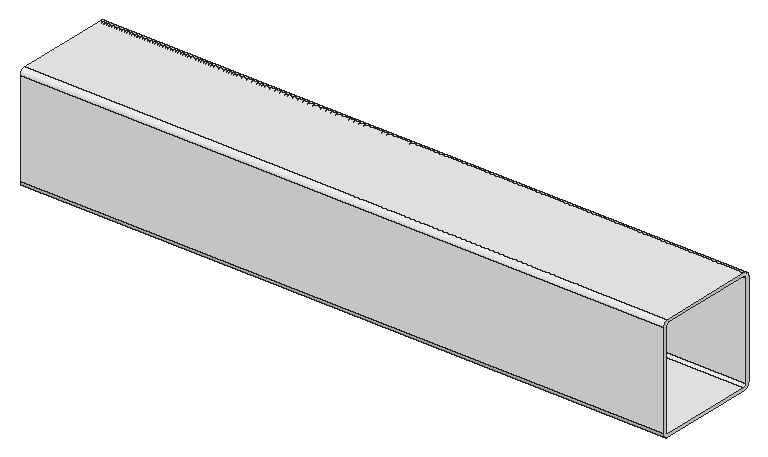
Revit family "CVQ-Corte vazado quadrado", category Quadro estrutural, Revit 2019
Family settings
  Arredondamento do comprimento do framing estrutural = 0 mm
  Forma do corte = Não definido
  Material para o comportamento do modelo = Aço
  Exportar sempre como geometria = Não
  Número OmniClass = 23.25.30.11.14.14
  Título OmniClass = Beams
  ID de item do Seek = SHS-Square Hollow Section-0000-CAN-ENU
  Sempre na vertical = Sim
  Corte com vazios quando carregada = Não
  Representação simbólica = Das configurações de projeto
  Compartilhado = Não
  Exibir o pré-corte da família na vista da planta = Sim
Parameters (values of type "200x200x5SHS")
  W = 0
  Structural Material [instance] = Aço, 45-345
  Ix = 0
  Length [instance] = 1524 mm
  M = 30.4
  Zx = 0
  b = 200 mm
  h = 200 mm
  tr = 2 * t  # 10 mm
  t = 5 mm
  A = 38.70 m²
Reference planes
  plane 1 "Centro (Frente/Trás)": y = 0
  plane 2: z = 0
  plane 3 "Centro (Esquerda/Direita)": x = 4.61
  plane 4 "Membro esquerdo": x = -604.99
  plane 5 "Membro direito": x = 614.21
  plane 6: y = 100
  plane 7: y = -100
  plane 8 "Superior": z = 100
  plane 9: z = -100
  plane 10 "Esquerda": x = -757.39
  plane 11 "Direita": x = 766.61
Forms (mm)
  Sweep 1, solid, material "Aço, 45-345" <- "Structural Material", detail levels medium
    path origin (0, 0, 0) x (1, 0, 0) y (0, 1, 0)
      loop
        line (614.21, 0) -> (-604.99, 0)
    profile "M_Vazado-Estrutural-Corte-Perfil-Médio : M_Vazado-Estrutural-Corte-Perfil-Médio" origin (4.61, 0, 0) x (0, -1, 0) y (0, 0, 1)
      loop
        line (-95, 95) -> (-95, -95) -> (95, -95) -> (95, 95) -> (-95, 95)
      loop
        line (-100, -100) -> (100, -100) -> (100, 100) -> (-100, 100) -> (-100, -100)
  Sweep 2, solid, material "Aço, 45-345" <- "Structural Material", detail levels fine
    path origin (0, 0, 0) x (1, 0, 0) y (0, 1, 0)
      loop
        line (614.21, 0) -> (-604.99, 0)
    profile "M_Vazado-Estrutural-Corte-Perfil-Alto : M_Vazado-Estrutural-Corte-Perfil-Alto" origin (4.61, 0, 0) x (0, -1, 0) y (0, 0, 1)
      loop
        arc (-90, 95) -> (-93.536, 93.536) -> (-95, 90) r 5
        line (-95, 90) -> (-95, -90)
        arc (-95, -90) -> (-93.536, -93.536) -> (-90, -95) r 5
        line (-90, -95) -> (90, -95)
        arc (90, -95) -> (93.536, -93.536) -> (95, -90) r 5
        line (95, -90) -> (95, 90)
        arc (95, 90) -> (93.536, 93.536) -> (90, 95) r 5
        line (90, 95) -> (-90, 95)
      loop
        arc (-100, -90) -> (-97.071, -97.071) -> (-90, -100) r 10
        line (-90, -100) -> (90, -100)
        arc (90, -100) -> (97.071, -97.071) -> (100, -90) r 10
        line (100, -90) -> (100, 90)
        arc (100, 90) -> (97.071, 97.071) -> (90, 100) r 10
        line (90, 100) -> (-90, 100)
        arc (-90, 100) -> (-97.071, 97.071) -> (-100, 90) r 10
        line (-100, 90) -> (-100, -90)
Lines and regions (mm)
  symbolic lines, style "Faces ocultas", detail levels medium+fine
    curve 1: line (614.21, -95, 0) -> (-604.99, -95, 0)
    curve 2: line (614.21, 95, 0) -> (-604.99, 95, 0)
    curve 3: line (-604.99, 0, 95) -> (614.21, 0, 95)
    curve 4: line (-604.99, 0, -95) -> (614.21, 0, -95)
  symbolic lines, style "Símbolos de vara", detail levels coarse
    curve 5: line (4.61, 100, 100) -> (4.61, -100, 100)
    curve 6: line (4.61, 100, -100) -> (4.61, 100, 100)
    curve 7: line (4.61, -100, 100) -> (4.61, -100, -100)
    curve 8: line (4.61, -100, -100) -> (4.61, 100, -100)
Dimensions and locks
  "b": plane 6 to plane 7
  "h": plane 9 to plane 8 "Superior"
  equal spacing: plane 9, plane 2, plane 8 "Superior"
  equal spacing: plane 6, plane 1 "Centro (Frente/Trás)", plane 7
  "t": plane 6 to curve 2
  "t": curve 1 to plane 7
  "t": plane 8 "Superior" to curve 3
  "t": curve 4 to plane 9
  "Length": plane 10 "Esquerda" to plane 11 "Direita"
  aligned and locked: plane 4 "Membro esquerdo" to curve 3
  aligned and locked: plane 5 "Membro direito" to curve 3
  aligned and locked: plane 4 "Membro esquerdo" to curve 4
  aligned and locked: plane 5 "Membro direito" to curve 4
  aligned and locked: Sweep 1 sketch curve to plane 1 "Centro (Frente/Trás)"
  aligned and locked: Sweep 2 sketch curve to plane 1 "Centro (Frente/Trás)"
  aligned and locked: curve 5 to Sweep 1
  aligned and locked: curve 6 to Sweep 1
  aligned and locked: curve 7 to Sweep 1
  aligned and locked: curve 8 to Sweep 1
  aligned and locked: plane 4 "Membro esquerdo" to Sweep 2 sketch curve
  aligned and locked: plane 5 "Membro direito" to Sweep 2 sketch curve
  aligned and locked: plane 4 "Membro esquerdo" to Sweep 1 sketch curve
  aligned and locked: plane 5 "Membro direito" to Sweep 1 sketch curve
  aligned and locked: plane 4 "Membro esquerdo" to curve 1
  aligned and locked: plane 4 "Membro esquerdo" to curve 2
  aligned and locked: plane 5 "Membro direito" to curve 1
  aligned and locked: plane 5 "Membro direito" to curve 2
Types in the file's own list only (122): name | Ix | M | Zx | b | h | tr | t | A
  40x40x2.5SHS | 8.54 | 2.89 | 4.27 | 40 mm | 40 mm | 5 mm | 3 mm | 0.00 m²
  40x40x3SHS | 9.78 | 3.41 | 4.89 | 40 mm | 40 mm | 6 mm | 3 mm | 0.00 m²
  40x40x3.2SHS | 10.2 | 3.61 | 5.11 | 40 mm | 40 mm | 6 mm | 3 mm | 0.00 m²
  40x40x3.6SHS | 11.1 | 4.01 | 5.54 | 40 mm | 40 mm | 7 mm | 4 mm | 0.00 m²
  40x40x4SHS | 11.8 | 4.39 | 5.91 | 40 mm | 40 mm | 8 mm | 4 mm | 0.00 m²
  40x40x5SHS | 13.4 | 5.28 | 6.68 | 40 mm | 40 mm | 10 mm | 5 mm | 0.00 m²
  50x50x2.5SHS | 17.5 | 3.68 | 6.99 | 50 mm | 50 mm | 5 mm | 3 mm | 0.00 m²
  50x50x3SHS | 20.2 | 4.35 | 8.08 | 50 mm | 50 mm | 6 mm | 3 mm | 0.00 m²
  50x50x3.2SHS | 21.2 | 4.62 | 8.49 | 50 mm | 50 mm | 6 mm | 3 mm | 0.00 m²
  50x50x3.6SHS | 23.2 | 5.14 | 9.27 | 50 mm | 50 mm | 7 mm | 4 mm | 0.00 m²
  50x50x4SHS | 25 | 5.64 | 9.99 | 50 mm | 50 mm | 8 mm | 4 mm | 0.00 m²
  50x50x5SHS | 28.9 | 6.85 | 11.6 | 50 mm | 50 mm | 10 mm | 5 mm | 0.00 m²
  50x50x6SHS | 32 | 7.99 | 12.8 | 50 mm | 50 mm | 12 mm | 6 mm | 0.00 m²
  50x50x6.3SHS | 32.8 | 8.31 | 13.1 | 50 mm | 50 mm | 13 mm | 6 mm | 0.00 m²
  60x60x3SHS | 36.2 | 5.29 | 12.1 | 60 mm | 60 mm | 6 mm | 3 mm | 0.00 m²
  60x60x3.2SHS | 38.2 | 5.62 | 12.7 | 60 mm | 60 mm | 6 mm | 3 mm | 0.00 m²
  60x60x3.6SHS | 41.9 | 6.27 | 14 | 60 mm | 60 mm | 7 mm | 4 mm | 0.00 m²
  60x60x4SHS | 45.4 | 6.9 | 15.1 | 60 mm | 60 mm | 8 mm | 4 mm | 0.00 m²
  60x60x5SHS | 53.3 | 8.42 | 17.8 | 60 mm | 60 mm | 10 mm | 5 mm | 0.00 m²
  60x60x6SHS | 59.9 | 9.87 | 20 | 60 mm | 60 mm | 12 mm | 6 mm | 0.00 m²
  60x60x6.3SHS | 61.6 | 10.3 | 20.5 | 60 mm | 60 mm | 13 mm | 6 mm | 0.00 m²
  60x60x8SHS | 69.7 | 12.5 | 23.2 | 60 mm | 60 mm | 16 mm | 8 mm | 0.00 m²
  70x70x3SHS | 59 | 6.24 | 16.9 | 70 mm | 70 mm | 6 mm | 3 mm | 0.00 m²
  70x70x3.2SHS | 62.3 | 6.63 | 17.8 | 70 mm | 70 mm | 6 mm | 3 mm | 0.00 m²
  70x70x3.6SHS | 68.6 | 7.4 | 19.6 | 70 mm | 70 mm | 7 mm | 4 mm | 0.00 m²
  70x70x4SHS | 74.7 | 8.15 | 21.3 | 70 mm | 70 mm | 8 mm | 4 mm | 0.00 m²
  70x70x5SHS | 88.5 | 9.99 | 25.3 | 70 mm | 70 mm | 10 mm | 5 mm | 0.00 m²
  70x70x6SHS | 101 | 11.8 | 28.7 | 70 mm | 70 mm | 12 mm | 6 mm | 0.00 m²
  70x70x6.3SHS | 104 | 12.3 | 29.7 | 70 mm | 70 mm | 13 mm | 6 mm | 0.00 m²
  70x70x8SHS | 120 | 15 | 34.2 | 70 mm | 70 mm | 16 mm | 8 mm | 0.00 m²
  80x80x3.2SHS | 95 | 7.63 | 23.7 | 80 mm | 80 mm | 6 mm | 3 mm | 0.00 m²
  80x80x3.6SHS | 105 | 8.53 | 26.2 | 80 mm | 80 mm | 7 mm | 4 mm | 0.00 m²
  80x80x4SHS | 114 | 9.41 | 28.6 | 80 mm | 80 mm | 8 mm | 4 mm | 0.00 m²
  80x80x5SHS | 137 | 11.6 | 34.2 | 80 mm | 80 mm | 10 mm | 5 mm | 0.00 m²
  80x80x6SHS | 156 | 13.6 | 39.1 | 80 mm | 80 mm | 12 mm | 6 mm | 0.00 m²
  80x80x6.3SHS | 162 | 14.2 | 40.5 | 80 mm | 80 mm | 13 mm | 6 mm | 0.00 m²
  80x80x8SHS | 189 | 17.5 | 47.3 | 80 mm | 80 mm | 16 mm | 8 mm | 0.00 m²
  90x90x3.6SHS | 152 | 9.66 | 33.8 | 90 mm | 90 mm | 7 mm | 4 mm | 0.00 m²
  90x90x4SHS | 166 | 10.7 | 37 | 90 mm | 90 mm | 8 mm | 4 mm | 0.00 m²
  90x90x5SHS | 200 | 13.1 | 44.4 | 90 mm | 90 mm | 10 mm | 5 mm | 0.00 m²
  90x90x6SHS | 230 | 15.5 | 51.1 | 90 mm | 90 mm | 12 mm | 6 mm | 0.00 m²
  90x90x6.3SHS | 238 | 16.2 | 53 | 90 mm | 90 mm | 13 mm | 6 mm | 0.00 m²
  90x90x8SHS | 281 | 20.1 | 62.6 | 90 mm | 90 mm | 16 mm | 8 mm | 0.00 m²
  100x100x3.6SHS | 212 | 10.8 | 42.3 | 100 mm | 100 mm | 7 mm | 4 mm | 0.00 m²
  100x100x4SHS | 232 | 11.9 | 46.4 | 100 mm | 100 mm | 8 mm | 4 mm | 0.00 m²
  100x100x5SHS | 279 | 14.7 | 55.9 | 100 mm | 100 mm | 10 mm | 5 mm | 0.00 m²
  100x100x6SHS | 323 | 17.4 | 64.6 | 100 mm | 100 mm | 12 mm | 6 mm | 0.00 m²
  100x100x6.3SHS | 336 | 18.2 | 67.1 | 100 mm | 100 mm | 13 mm | 6 mm | 0.00 m²
  100x100x8SHS | 400 | 22.6 | 79.9 | 100 mm | 100 mm | 16 mm | 8 mm | 0.00 m²
  100x100x10SHS | 462 | 27.4 | 92.4 | 100 mm | 100 mm | 20 mm | 10 mm | 0.00 m²
  120x120x4SHS | 410 | 14.4 | 68.4 | 120 mm | 120 mm | 8 mm | 4 mm | 0.00 m²
  120x120x5SHS | 498 | 17.8 | 83 | 120 mm | 120 mm | 10 mm | 5 mm | 0.00 m²
  120x120x6SHS | 579 | 21.2 | 96.6 | 120 mm | 120 mm | 12 mm | 6 mm | 0.00 m²
  120x120x6.3SHS | 603 | 22.2 | 100 | 120 mm | 120 mm | 13 mm | 6 mm | 0.00 m²
  120x120x8SHS | 726 | 27.6 | 121 | 120 mm | 120 mm | 16 mm | 8 mm | 0.00 m²
  120x120x10SHS | 852 | 33.7 | 142 | 120 mm | 120 mm | 20 mm | 10 mm | 0.00 m²
  120x120x12SHS | 958 | 39.5 | 160 | 120 mm | 120 mm | 24 mm | 12 mm | 0.01 m²
  120x120x12.5SHS | 982 | 40.9 | 164 | 120 mm | 120 mm | 25 mm | 13 mm | 0.01 m²
  140x140x5SHS | 807 | 21 | 115 | 140 mm | 140 mm | 10 mm | 5 mm | 0.00 m²
  140x140x6SHS | 944 | 24.9 | 135 | 140 mm | 140 mm | 12 mm | 6 mm | 0.00 m²
  140x140x6.3SHS | 984 | 26.1 | 141 | 140 mm | 140 mm | 13 mm | 6 mm | 0.00 m²
  140x140x8SHS | 1195 | 32.6 | 171 | 140 mm | 140 mm | 16 mm | 8 mm | 0.00 m²
  140x140x10SHS | 1416 | 40 | 202 | 140 mm | 140 mm | 20 mm | 10 mm | 0.01 m²
  140x140x12SHS | 1609 | 47 | 230 | 140 mm | 140 mm | 24 mm | 12 mm | 0.01 m²
  140x140x12.5SHS | 1653 | 48.7 | 236 | 140 mm | 140 mm | 25 mm | 13 mm | 0.01 m²
  150x150x5SHS | 1002 | 22.6 | 134 | 150 mm | 150 mm | 10 mm | 5 mm | 0.00 m²
  150x150x6SHS | 1174 | 26.8 | 156 | 150 mm | 150 mm | 12 mm | 6 mm | 0.00 m²
  150x150x6.3SHS | 1223 | 28.1 | 163 | 150 mm | 150 mm | 13 mm | 6 mm | 0.00 m²
  150x150x8SHS | 1491 | 35.1 | 199 | 150 mm | 150 mm | 16 mm | 8 mm | 0.00 m²
  150x150x10SHS | 1773 | 43.1 | 236 | 150 mm | 150 mm | 20 mm | 10 mm | 0.01 m²
  150x150x12SHS | 2023 | 50.8 | 270 | 150 mm | 150 mm | 24 mm | 12 mm | 0.01 m²
  150x150x12.5SHS | 2080 | 52.7 | 277 | 150 mm | 150 mm | 25 mm | 13 mm | 0.01 m²
  150x150x16SHS | 2430 | 65.2 | 324 | 150 mm | 150 mm | 32 mm | 16 mm | 0.01 m²
  160x160x5SHS | 1225 | 24.1 | 153 | 160 mm | 160 mm | 10 mm | 5 mm | 0.00 m²
  160x160x6SHS | 1437 | 28.7 | 180 | 160 mm | 160 mm | 12 mm | 6 mm | 0.00 m²
  160x160x6.3SHS | 1499 | 30.1 | 187 | 160 mm | 160 mm | 13 mm | 6 mm | 0.00 m²
  160x160x8SHS | 1831 | 37.6 | 229 | 160 mm | 160 mm | 16 mm | 8 mm | 0.00 m²
  160x160x10SHS | 2186 | 46.3 | 273 | 160 mm | 160 mm | 20 mm | 10 mm | 0.01 m²
  160x160x12SHS | 2502 | 54.6 | 313 | 160 mm | 160 mm | 24 mm | 12 mm | 0.01 m²
  160x160x12.5SHS | 2576 | 56.6 | 322 | 160 mm | 160 mm | 25 mm | 13 mm | 0.01 m²
  160x160x16SHS | 3028 | 70.2 | 379 | 160 mm | 160 mm | 32 mm | 16 mm | 0.01 m²
  180x180x5SHS | 1765 | 27.3 | 196 | 180 mm | 180 mm | 10 mm | 5 mm | 0.00 m²
  180x180x6SHS | 2077 | 32.5 | 231 | 180 mm | 180 mm | 12 mm | 6 mm | 0.00 m²
  180x180x6.3SHS | 2168 | 34 | 241 | 180 mm | 180 mm | 13 mm | 6 mm | 0.00 m²
  180x180x8SHS | 2661 | 42.7 | 296 | 180 mm | 180 mm | 16 mm | 8 mm | 0.01 m²
  180x180x10SHS | 3193 | 52.5 | 355 | 180 mm | 180 mm | 20 mm | 10 mm | 0.01 m²
  180x180x12SHS | 3677 | 62.1 | 409 | 180 mm | 180 mm | 24 mm | 12 mm | 0.01 m²
  180x180x12.5SHS | 3790 | 64.4 | 421 | 180 mm | 180 mm | 25 mm | 13 mm | 0.01 m²
  180x180x16SHS | 4504 | 80.2 | 500 | 180 mm | 180 mm | 32 mm | 16 mm | 0.01 m²
  200x200x6SHS | 2883 | 36.2 | 288 | 200 mm | 200 mm | 12 mm | 6 mm | 0.00 m²
  200x200x6.3SHS | 3011 | 38 | 301 | 200 mm | 200 mm | 13 mm | 6 mm | 0.00 m²
  200x200x8SHS | 3709 | 47.7 | 371 | 200 mm | 200 mm | 16 mm | 8 mm | 0.01 m²
  200x200x10SHS | 4471 | 58.8 | 447 | 200 mm | 200 mm | 20 mm | 10 mm | 0.01 m²
  200x200x12SHS | 5171 | 69.6 | 517 | 200 mm | 200 mm | 24 mm | 12 mm | 0.01 m²
  200x200x12.5SHS | 5336 | 72.3 | 534 | 200 mm | 200 mm | 25 mm | 13 mm | 0.01 m²
  200x200x16SHS | 6394 | 90.3 | 639 | 200 mm | 200 mm | 32 mm | 16 mm | 0.01 m²
  250x250x5SHS | 4861 | 38.3 | 389 | 250 mm | 250 mm | 10 mm | 5 mm | 0.00 m²
  250x250x6SHS | 5752 | 45.7 | 460 | 250 mm | 250 mm | 12 mm | 6 mm | 0.01 m²
  250x250x6.3SHS | 6014 | 47.9 | 481 | 250 mm | 250 mm | 13 mm | 6 mm | 0.01 m²
  250x250x8SHS | 7455 | 60.3 | 596 | 250 mm | 250 mm | 16 mm | 8 mm | 0.01 m²
  250x250x10SHS | 9055 | 74.5 | 724 | 250 mm | 250 mm | 20 mm | 10 mm | 0.01 m²
  250x250x12SHS | 10560 | 88.5 | 844 | 250 mm | 250 mm | 24 mm | 12 mm | 0.01 m²
  250x250x12.5SHS | 10920 | 91.9 | 873 | 250 mm | 250 mm | 25 mm | 13 mm | 0.01 m²
  250x250x16SHS | 13270 | 115 | 1061 | 250 mm | 250 mm | 32 mm | 16 mm | 0.01 m²
  300x300x6SHS | 10080 | 55.1 | 672 | 300 mm | 300 mm | 12 mm | 6 mm | 0.01 m²
  300x300x6.3SHS | 10550 | 57.8 | 703 | 300 mm | 300 mm | 13 mm | 6 mm | 0.01 m²
  300x300x8SHS | 13130 | 72.8 | 875 | 300 mm | 300 mm | 16 mm | 8 mm | 0.01 m²
  300x300x10SHS | 16030 | 90.2 | 1068 | 300 mm | 300 mm | 20 mm | 10 mm | 0.01 m²
  300x300x12SHS | 18780 | 107 | 1252 | 300 mm | 300 mm | 24 mm | 12 mm | 0.01 m²
  300x300x12.5SHS | 19440 | 112 | 1296 | 300 mm | 300 mm | 25 mm | 13 mm | 0.01 m²
  300x300x16SHS | 23850 | 141 | 1590 | 300 mm | 300 mm | 32 mm | 16 mm | 0.02 m²
  350x350x8SHS | 21130 | 85.4 | 1207 | 350 mm | 350 mm | 16 mm | 8 mm | 0.01 m²
  350x350x10SHS | 25880 | 106 | 1479 | 350 mm | 350 mm | 20 mm | 10 mm | 0.01 m²
  350x350x12SHS | 30430 | 126 | 1739 | 350 mm | 350 mm | 24 mm | 12 mm | 0.02 m²
  350x350x12.5SHS | 31540 | 131 | 1802 | 350 mm | 350 mm | 25 mm | 13 mm | 0.02 m²
  350x350x16SHS | 38940 | 166 | 2225 | 350 mm | 350 mm | 32 mm | 16 mm | 0.02 m²
  400x400x8SHS | 31860 | 97.9 | 1593 | 400 mm | 400 mm | 16 mm | 8 mm | 0.01 m²
  400x400x10SHS | 39130 | 122 | 1956 | 400 mm | 400 mm | 20 mm | 10 mm | 0.02 m²
  400x400x12SHS | 46130 | 145 | 2306 | 400 mm | 400 mm | 24 mm | 12 mm | 0.02 m²
  400x400x12.5SHS | 47840 | 151 | 2392 | 400 mm | 400 mm | 25 mm | 13 mm | 0.02 m²
  400x400x16SHS | 59340 | 191 | 2967 | 400 mm | 400 mm | 32 mm | 16 mm | 0.02 m²
  400x400x20SHS | 71530 | 235 | 3577 | 400 mm | 400 mm | 40 mm | 20 mm | 0.03 m²
